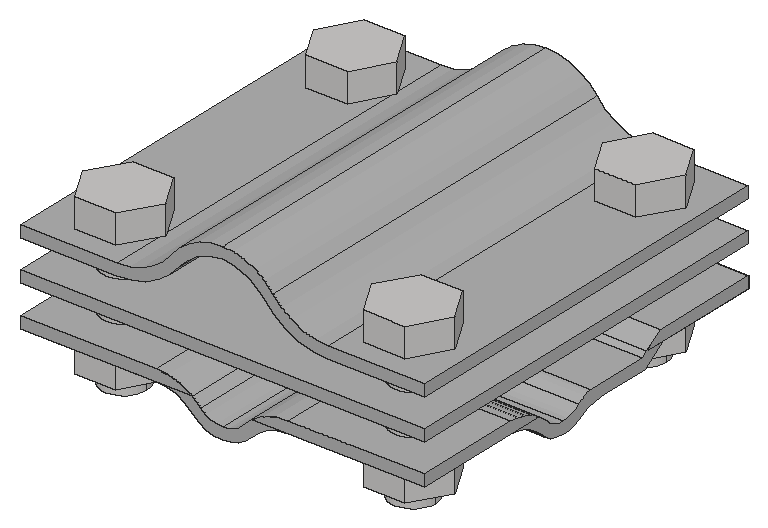
Revit family "DF_ЗажимЗаземлпения_Стержень_Пруток_90530_90540_EZETEK", category Соединительные детали воздуховодов, Revit 2017
Family settings
  Размер круглого соединителя = Использовать радиус
  Тип детали = Крестовина
  На основе рабочей плоскости = Нет
  Всегда вертикально = Да
  При загрузке вырезать с полостями = Нет
  Общий = Нет
Parameters (values of type "ЗажимЗаземлпения_Полоса_Пруток_Оцинкованный_90530")
  Угол = 90.00°  # constant formula
  Тип = FA_ЗажимЗаземлпения_Стержень_Полоса-Пруток_90530_90540_EZETEK : ЗажимЗаземлпения_Стержень_Полоса-Пруток_Оцинкованный_90540
  Описание = "Зажим используются для соединения стержня заземления с прутком, либо полосой Т-образным либо параллельным способом. Зажим стягивается при помощи четырех шестигранных болтов с гайками с резьбой М8."  # constant formula
  Производитель_Контакты = "ezetek@ezetek.ru"  # constant formula
  built-in parameter 1114242 [instance] = 1 = 0  # (empty or 0)
  Изготовитель = "Ezetek"  # constant formula
  Группа модели = "Зажимы заземления"  # constant formula
  URL = "https://ezetek.ru/"
  R4 [instance] = 5 mm
  R3 [instance] = 5 mm
  R2 [instance] = 5 mm
  R1 [instance] = 5 mm
  H2 [instance] = 4 mm
  B2 [instance] = 25 mm
  B1 [instance] = 25 mm
  ADSK_Этаж [instance] = ""
  ADSK_Размер_Ширина [instance] = B1  # 25 mm
  ADSK_Размер_Радиус [instance] = R1  # 5 mm
  ADSK_Размер_Высота [instance] = H1  # 4 mm
  ADSK_Примечание [instance] = "Неспецифицируемое"  # constant formula
  ADSK_Позиция [instance] = "Неспецифицируемое"  # constant formula
  ADSK_Обозначение = "Неспецифицируемое"  # constant formula
  ADSK_Наименование краткое [instance] = "Неспецифицируемое"  # constant formula
  ADSK_Наименование = "Неспецифицируемое"  # constant formula
  ADSK_Материал = BIMLIB_Сталь_Оцинкованная_EZETEK
  ADSK_Масса_Текст = "Неспецифицируемое"  # constant formula
  ADSK_Масса = 0  # constant formula
  ADSK_Марка = "Неспецифицируемое"  # constant formula
  ADSK_Количество = 0  # constant formula
  ADSK_Код изделия = "Неспецифицируемое"  # constant formula
  ADSK_Завод-изготовитель = "Неспецифицируемое"  # constant formula
  ADSK_Единица измерения = "Неспецифицируемое"  # constant formula
  ADSK_Группирование [instance] = ""
  ADSK_Версия Revit = "2017"  # constant formula
  H1 [instance] = 4 mm
Types (2, lengths in mm): name | Тип | ADSK_Материал
  ЗажимЗаземлпения_Полоса_Пруток_Оцинкованный_90530 | FA_ЗажимЗаземлпения_Стержень_Полоса-Пруток_90530_90540_EZETEK : ЗажимЗаземлпения_Стержень_Полоса-Пруток_Оцинкованный_90540 | BIMLIB_Сталь_Оцинкованная_EZETEK
  ЗажимЗаземлпения_Стержень_Полоса_Оцинкованный_90540 | FA_ЗажимЗаземлпения_Стержень_Полоса-Пруток_90530_90540_EZETEK : ЗажимЗаземлпения_Стержень_Полоса-Пруток_Латунь_90530 | BIMLIB_Латунь_EZETEK
Reference planes
  plane 1 "По центру (Вперед/Назад)": y = 0
  plane 2: z = 0
  plane 3 "По центру (Влево/Вправо)": x = 0
  plane 4 "Н_С": z = -5
  plane 5: x = -1
  plane 6: x = 1
  plane 7: y = 1
  plane 8: y = -1
  plane 9 "В_С": z = 5
  plane 10 "В_Л": z = 5
  plane 11 "Н_Л": z = -5
Lines and regions (mm)
  reference lines
    curve 1: line (-1, 0, 5) -> (1, 0, 5)
    curve 2: line (0, -1, 5) -> (0, 1, 5)
    curve 3: line (-1, 0, -5) -> (1, 0, -5)
    curve 4: line (0, -1, -5) -> (0, 1, -5)
Dimensions and locks
  locked: plane 5 to plane 3 "По центру (Влево/Вправо)" at 1
  locked: plane 3 "По центру (Влево/Вправо)" to plane 6 at 1
  locked: plane 1 "По центру (Вперед/Назад)" to plane 7 at 1
  locked: plane 1 "По центру (Вперед/Назад)" to plane 8 at 1
  locked: plane 2 to plane 9 "В_С" at 5
  locked: plane 11 "Н_Л" to plane 2 at 5
  locked: plane 10 "В_Л" to plane 2 at 5
  locked: plane 2 to plane 4 "Н_С" at 5
  aligned and locked: level to plane 2
Nested families
  nested 1: "FA_ЗажимЗаземлпения_Стержень_Полоса-Пруток_90530_90540_EZETEK" at (0, 0, 0) x (-1, 0, 0) z (0, 0, 1), type <- "Тип", ADSK_Этаж <- "ADSK_Этаж", ADSK_Группирование <- "ADSK_Группирование", type "ЗажимЗаземлпения_Стержень_Полоса-Пруток_Оцинкованный_90540", detail levels fine
    with ADSK_Этаж "", ADSK_Примечание "", ADSK_Позиция "", ADSK_Наименование краткое "Зажим заземления", ADSK_Группирование ""
Connectors
  hvac at (0, 1, -5), driven by "R2"
    settings: on curve 4, index 1, duct flow 0.0 L/s, flow factor 0, pres drop 0.0 Pa, loss coef 0, conn angle 0.00°, conn width 304.8 mm, conn height 5 mm, conn diameter 10 mm, duct sys type 1, conn prof type 0, flow config 0, flow direction 0, loss method 0, conn ref index 2, conn util no, is conn primary yes, conn desc ""
  hvac at (0, -1, -5), driven by "R2"
    settings: on curve 4, index 2, duct flow 0.0 L/s, flow factor 0, pres drop 0.0 Pa, loss coef 0, conn angle 0.00°, conn width 304.8 mm, conn height 5 mm, conn diameter 10 mm, duct sys type 1, conn prof type 0, flow config 0, flow direction 0, loss method 0, conn ref index 1, conn util no, is conn primary no, conn desc ""
  hvac at (0, -1, 5), driven by "R1"
    settings: on curve 2, index 3, duct flow 0.0 L/s, flow factor 0, pres drop 0.0 Pa, loss coef 0, conn angle 0.00°, conn width 304.8 mm, conn height 304.8 mm, conn diameter 10 mm, duct sys type 1, conn prof type 0, flow config 0, flow direction 0, loss method 0, conn ref index 4, conn util no, is conn primary no, conn desc ""
  hvac at (0, 1, 5), driven by "R1"
    settings: on curve 2, index 4, duct flow 0.0 L/s, flow factor 0, pres drop 0.0 Pa, loss coef 0, conn angle 0.00°, conn width 304.8 mm, conn height 304.8 mm, conn diameter 10 mm, duct sys type 1, conn prof type 0, flow config 0, flow direction 0, loss method 0, conn ref index 3, conn util no, is conn primary no, conn desc ""
  hvac at (-1, 0, -5), driven by "H2", driven by "B2", driven by "R3"
    settings: on curve 3, index 7, duct flow 0.0 L/s, flow factor 0, pres drop 0.0 Pa, loss coef 0, conn angle 0.00°, conn width 25 mm, conn height 4 mm, conn diameter 10 mm, duct sys type 1, conn prof type 0, flow config 0, flow direction 0, loss method 0, conn ref index 8, conn util no, is conn primary no, conn desc ""
  hvac at (1, 0, -5), driven by "H2", driven by "B2", driven by "R3"
    settings: on curve 3, index 8, duct flow 0.0 L/s, flow factor 0, pres drop 0.0 Pa, loss coef 0, conn angle 0.00°, conn width 25 mm, conn height 4 mm, conn diameter 10 mm, duct sys type 1, conn prof type 0, flow config 0, flow direction 0, loss method 0, conn ref index 7, conn util no, is conn primary no, conn desc ""
Definition of nested family "FA_ЗажимЗаземлпения_Стержень_Полоса-Пруток_90530_90540_EZETEK"
  Parameters (values of type "ЗажимЗаземлпения_Стержень_Полоса-Пруток_Латунь_90530")
    Угол = 90.00°  # constant formula
    Производитель_Контакты = "ezetek@ezetek.ru"  # constant formula
    Description = "Зажим используются для соединения стержня заземления с прутком, либо полосой Т-образным либо параллельным способом. Зажим стягивается при помощи четырех шестигранных болтов с гайками с резьбой М8. Болты и гайки для латунного зажима заземления выполнены из нержавеющей стали. Наличие разделительной пластины позволяет соединять при помощи зажима электрохимически слабосовместимые металлы."
    Manufacturer = "Ezetek"  # constant formula
    Model = "Зажимы заземления"  # constant formula
    URL = "https://ezetek.ru/"
    ADSK_Этаж [instance] = ""
    ADSK_Примечание [instance] = ""
    ADSK_Позиция [instance] = ""
    ADSK_Обозначение = "90530"
    ADSK_Наименование краткое [instance] = "Зажим заземления"
    ADSK_Наименование = "Зажим заземления стержень — полоса/пруток крестообразный, латунь"
    ADSK_Материал = none
    ADSK_Масса_Текст = "0.317"
    ADSK_Масса = 0.317
    ADSK_Марка = "90530"
    ADSK_Количество = 1  # constant formula
    ADSK_Код изделия = "90530"
    ADSK_Завод-изготовитель = "Ezetek"  # constant formula
    ADSK_Единица измерения = "шт."  # constant formula
    ADSK_Группирование [instance] = ""
    ADSK_Версия Revit = "2017"  # constant formula
  Types (2, lengths in mm): name | Description | ADSK_Обозначение | ADSK_Наименование | ADSK_Масса_Текст | ADSK_Масса | ADSK_Марка | ADSK_Код изделия
    ЗажимЗаземлпения_Стержень_Полоса-Пруток_Латунь_90530 | "Зажим используются для соединения стержня заземления с прутком, либо полосой Т-образным либо параллельным способом. Зажим стягивается при помощи четырех шестигранных болтов с гайками с резьбой М8. Болты и гайки для латунного зажима заземления выполнены из нержавеющей стали. Наличие разделительной пластины позволяет соединять при помощи зажима электрохимически слабосовместимые металлы." | "90530" | "Зажим заземления стержень — полоса/пруток крестообразный, латунь" | "0.317" | 0.317 | "90530" | "90530"
    ЗажимЗаземлпения_Стержень_Полоса-Пруток_Оцинкованный_90540 | "Зажим выполнен из оцинкованной стали и используется для соединения стержня заземления с прутком, либо полосой Т-образным либо параллельным способом. Зажим стягивается при помощи четырех шестигранных болтов с гайками с резьбой М8." | "90540" | "Зажим заземления стержень — полоса/пруток крестообразный, оцинк." | "0.3" | 0.3 | "90540" | "90540"
  Reference planes
    plane 1 "По центру (Вперед/Назад)": y = 0
    plane 2: z = 0
    plane 3 "По центру (Влево/Вправо)": x = 0
    plane 4: z = 1
    plane 5: z = -1
    plane 6: z = 8
    plane 7 "Up": z = 6
    plane 8: z = -6
    plane 9: z = -8
    plane 10: z = 13
    plane 11: z = -14.4
    plane 12: z = -17.11
    plane 13: z = 7
    plane 14: z = -7
    plane 15 "M": y = 0
    plane 16 "U": z = 9.5
    plane 17 "L": z = -9.5
    plane 18: z = -9.5
    plane 19: x = 0
    plane 20: x = -35
    plane 21: y = 35
    plane 22: y = -35
    plane 23: x = 35
  Forms (mm)
    Extrusion 1, solid, material <- "ADSK_Материал", detail levels fine
      sketch origin (0, 0, 0) x (1, 0, 0) y (0, 1, 0)
        loop
          line (-35, 35) -> (-35, -35) -> (35, -35) -> (35, 35) -> (-35, 35)
      from 1 to -1
    Blend 2, solid, material <- "ADSK_Материал", detail levels fine
      base sketch origin (0, 0, 0) x (1, 0, 0) y (0, 0, 1)
        loop
          line (-35, 8) -> (-35, 6) -> (-18.273, 6)
          arc (-18.273, 6) -> (-12.065, 7.446) -> (-7.135, 11.486) r 14.05
          arc (-7.135, 11.486) -> (-3.977, 14.074) -> (0, 15) r 9
          arc (0, 15) -> (3.977, 14.074) -> (7.135, 11.486) r 9
          arc (7.135, 11.486) -> (12.065, 7.446) -> (18.273, 6) r 14.05
          line (18.273, 6) -> (35, 6) -> (35, 8) -> (18.275, 8)
          arc (18.275, 8) -> (12.95, 9.24) -> (8.72, 12.706) r 12.055
          arc (8.72, 12.706) -> (4.86, 15.868) -> (0, 17) r 11
          arc (0, 17) -> (-4.86, 15.868) -> (-8.72, 12.706) r 11
          arc (-8.72, 12.706) -> (-12.95, 9.24) -> (-18.275, 8) r 12.055
          line (-18.275, 8) -> (-35, 8)
      top sketch origin (0, 0, 0) x (1, 0, 0) y (0, 0, 1)
        loop
          arc (0, 17) -> (-4.86, 15.868) -> (-8.72, 12.706) r 11
          arc (-8.72, 12.706) -> (-12.95, 9.24) -> (-18.275, 8) r 12.055
          line (-18.275, 8) -> (-35, 8) -> (-35, 6) -> (-18.273, 6)
          arc (-18.273, 6) -> (-12.065, 7.446) -> (-7.135, 11.486) r 14.05
          arc (-7.135, 11.486) -> (-3.977, 14.074) -> (0, 15) r 9
          arc (0, 15) -> (3.977, 14.074) -> (7.135, 11.486) r 9
          arc (7.135, 11.486) -> (12.065, 7.446) -> (18.273, 6) r 14.05
          line (18.273, 6) -> (35, 6) -> (35, 8) -> (18.275, 8)
          arc (18.275, 8) -> (12.95, 9.24) -> (8.72, 12.706) r 12.055
          arc (8.72, 12.706) -> (4.86, 15.868) -> (0, 17) r 11
      from 35 to -35
    Extrusion 3, solid, detail levels fine
      sketch origin (11, -25, 0) x (1, 0, 0) y (0, 1, 0)
        loop
          line (-39.603, 6.24) -> (-43.205, 0) -> (-39.603, -6.24) -> (-32.397, -6.24) -> (-28.795, 0) -> (-32.397, 6.24) -> (-39.603, 6.24)
      from 13 to 8
    Extrusion 4, solid, detail levels fine
      sketch origin (11, -25, 0) x (1, 0, 0) y (0, 1, 0)
        loop
          line (-39.603, 6.24) -> (-43.205, 0) -> (-39.603, -6.24) -> (-32.397, -6.24) -> (-28.795, 0) -> (-32.397, 6.24) -> (-39.603, 6.24)
      from -8 to -14.4
    Extrusion 5, solid, detail levels fine
      sketch origin (11, -25, 0) x (1, 0, 0) y (0, 1, 0)
        loop
          circle (-36, 0) r 3.9
      from 8 to -17.11
    Extrusion 6, solid, detail levels fine
      sketch origin (-11, -25, 0) x (-1, 0, 0) y (0, -1, 0)
        loop
          line (-39.603, -6.24) -> (-32.397, -6.24) -> (-28.795, 0) -> (-32.397, 6.24) -> (-39.603, 6.24) -> (-43.205, 0) -> (-39.603, -6.24)
      from 13 to 8
    Extrusion 7, solid, detail levels fine
      sketch origin (-11, -25, 0) x (-1, 0, 0) y (0, -1, 0)
        loop
          line (-39.603, -6.24) -> (-32.397, -6.24) -> (-28.795, 0) -> (-32.397, 6.24) -> (-39.603, 6.24) -> (-43.205, 0) -> (-39.603, -6.24)
      from -8 to -14.4
    Extrusion 8, solid, detail levels fine
      sketch origin (-11, -25, 0) x (-1, 0, 0) y (0, -1, 0)
        loop
          circle (-36, 0) r 3.9
      from 8 to -17.11
    Extrusion 9, solid, detail levels fine
      sketch origin (11, 25, 0) x (1, 0, 0) y (0, 1, 0)
        loop
          line (-39.603, -6.24) -> (-32.397, -6.24) -> (-28.795, 0) -> (-32.397, 6.24) -> (-39.603, 6.24) -> (-43.205, 0) -> (-39.603, -6.24)
      from 13 to 8
    Extrusion 10, solid, detail levels fine
      sketch origin (11, 25, 0) x (1, 0, 0) y (0, 1, 0)
        loop
          circle (-36, 0) r 3.9
      from 8 to -17.11
    Extrusion 11, solid, detail levels fine
      sketch origin (-11, 25, 0) x (-1, 0, 0) y (0, -1, 0)
        loop
          line (-39.603, 6.24) -> (-43.205, 0) -> (-39.603, -6.24) -> (-32.397, -6.24) -> (-28.795, 0) -> (-32.397, 6.24) -> (-39.603, 6.24)
      from 13 to 8
    Extrusion 12, solid, detail levels fine
      sketch origin (-11, 25, 0) x (-1, 0, 0) y (0, -1, 0)
        loop
          circle (-36, 0) r 3.9
      from 8 to -17.11
    Blend 13, solid, material <- "ADSK_Материал", detail levels fine
      base sketch origin (0, 0, 0) x (1, 0, 0) y (0, 0, 1)
        loop
          line (-35, -8) -> (-11.386, -8)
          arc (-11.386, -8) -> (-7.983, -8.714) -> (-5.154, -10.737) r 8.465
          arc (-5.154, -10.737) -> (-2.814, -12.409) -> (0, -13) r 7
          arc (0, -13) -> (2.814, -12.409) -> (5.154, -10.737) r 7
          arc (5.154, -10.737) -> (7.983, -8.714) -> (11.386, -8) r 8.465
          line (11.386, -8) -> (35, -8) -> (35, -6) -> (11.375, -6)
          arc (11.375, -6) -> (7.174, -6.882) -> (3.684, -9.381) r 10.439
          arc (3.684, -9.381) -> (2.012, -10.577) -> (0, -11) r 5
          arc (0, -11) -> (-2.012, -10.577) -> (-3.684, -9.381) r 5
          arc (-3.684, -9.381) -> (-7.174, -6.882) -> (-11.375, -6) r 10.439
          line (-11.375, -6) -> (-35, -6) -> (-35, -8)
      top sketch origin (0, 0, 0) x (1, 0, 0) y (0, 0, 1)
        loop
          arc (0, -11) -> (-2.012, -10.577) -> (-3.684, -9.381) r 5
          arc (-3.684, -9.381) -> (-7.174, -6.882) -> (-11.375, -6) r 10.439
          line (-11.375, -6) -> (-35, -6) -> (-35, -8) -> (-11.386, -8)
          arc (-11.386, -8) -> (-7.983, -8.714) -> (-5.154, -10.737) r 8.465
          arc (-5.154, -10.737) -> (-2.814, -12.409) -> (0, -13) r 7
          arc (0, -13) -> (2.814, -12.409) -> (5.154, -10.737) r 7
          arc (5.154, -10.737) -> (7.983, -8.714) -> (11.386, -8) r 8.465
          line (11.386, -8) -> (35, -8) -> (35, -6) -> (11.375, -6)
          arc (11.375, -6) -> (7.174, -6.882) -> (3.684, -9.381) r 10.439
          arc (3.684, -9.381) -> (2.012, -10.577) -> (0, -11) r 5
      from 35 to -35
    Extrusion 14, solid, detail levels fine
      sketch origin (11, 25, 0) x (1, 0, 0) y (0, 1, 0)
        loop
          line (-39.603, -6.24) -> (-32.397, -6.24) -> (-28.795, 0) -> (-32.397, 6.24) -> (-39.603, 6.24) -> (-43.205, 0) -> (-39.603, -6.24)
      from -8 to -14.4
    Extrusion 15, solid, detail levels fine
      sketch origin (-11, 25, 0) x (-1, 0, 0) y (0, -1, 0)
        loop
          line (-39.603, 6.24) -> (-43.205, 0) -> (-39.603, -6.24) -> (-32.397, -6.24) -> (-28.795, 0) -> (-32.397, 6.24) -> (-39.603, 6.24)
      from -8 to -14.4
    Blend 16, solid, material <- "ADSK_Материал", detail levels fine
      base sketch origin (0, 0, 0) x (1, 0, 0) y (0, 0, 1)
        loop
          line (-35, -8) -> (-11.386, -8)
          arc (-11.386, -8) -> (-7.983, -8.714) -> (-5.154, -10.737) r 8.465
          arc (-5.154, -10.737) -> (-2.814, -12.409) -> (0, -13) r 7
          arc (0, -13) -> (2.814, -12.409) -> (5.154, -10.737) r 7
          arc (5.154, -10.737) -> (7.983, -8.714) -> (11.386, -8) r 8.465
          line (11.386, -8) -> (35, -8) -> (35, -6) -> (11.375, -6)
          arc (11.375, -6) -> (7.174, -6.882) -> (3.684, -9.381) r 10.439
          arc (3.684, -9.381) -> (2.012, -10.577) -> (0, -11) r 5
          arc (0, -11) -> (-2.012, -10.577) -> (-3.684, -9.381) r 5
          arc (-3.684, -9.381) -> (-7.174, -6.882) -> (-11.375, -6) r 10.439
          line (-11.375, -6) -> (-35, -6) -> (-35, -8)
      top sketch origin (0, 0, 0) x (1, 0, 0) y (0, 0, 1)
        loop
          arc (0, -11) -> (-2.012, -10.577) -> (-3.684, -9.381) r 5
          arc (-3.684, -9.381) -> (-7.174, -6.882) -> (-11.375, -6) r 10.439
          line (-11.375, -6) -> (-35, -6) -> (-35, -8) -> (-11.386, -8)
          arc (-11.386, -8) -> (-7.983, -8.714) -> (-5.154, -10.737) r 8.465
          arc (-5.154, -10.737) -> (-2.814, -12.409) -> (0, -13) r 7
          arc (0, -13) -> (2.814, -12.409) -> (5.154, -10.737) r 7
          arc (5.154, -10.737) -> (7.983, -8.714) -> (11.386, -8) r 8.465
          line (11.386, -8) -> (35, -8) -> (35, -6) -> (11.375, -6)
          arc (11.375, -6) -> (7.174, -6.882) -> (3.684, -9.381) r 10.439
          arc (3.684, -9.381) -> (2.012, -10.577) -> (0, -11) r 5
      from 35 to -35
    Blend 17, solid, material <- "ADSK_Материал", detail levels fine
      base sketch origin (0, 0, 0) x (0, -1, 0) y (0, 0, 1)
        loop
          line (-35, -8) -> (-16.386, -8)
          arc (-16.386, -8) -> (-12.983, -8.714) -> (-10.154, -10.737) r 8.465
          arc (-10.154, -10.737) -> (-7.814, -12.409) -> (-5, -13) r 7
          arc (-5, -13) -> (-3.282, -12.786) -> (-1.67, -12.157) r 7
          arc (-1.67, -12.157) -> (1.047, -11.097) -> (3.941, -10.737) r 11.792
          line (3.941, -10.737) -> (12.669, -10.737) -> (16.578, -8) -> (35, -8) -> (35, -6) -> (16, -6) -> (12.091, -8.737) -> (0.991, -8.737)
          arc (0.991, -8.737) -> (-0.444, -8.999) -> (-1.694, -9.751) r 4.061
          arc (-1.694, -9.751) -> (-3.233, -10.677) -> (-5, -11) r 5
          arc (-5, -11) -> (-7.012, -10.577) -> (-8.684, -9.381) r 5
          arc (-8.684, -9.381) -> (-12.174, -6.882) -> (-16.375, -6) r 10.439
          line (-16.375, -6) -> (-35, -6) -> (-35, -8)
      top sketch origin (0, 0, 0) x (0, -1, 0) y (0, 0, 1)
        loop
          arc (-10.154, -10.737) -> (-7.814, -12.409) -> (-5, -13) r 7
          arc (-5, -13) -> (-3.282, -12.786) -> (-1.67, -12.157) r 7
          arc (-1.67, -12.157) -> (1.047, -11.097) -> (3.941, -10.737) r 11.792
          line (3.941, -10.737) -> (12.669, -10.737) -> (16.578, -8) -> (35, -8) -> (35, -6) -> (16, -6) -> (12.091, -8.737) -> (0.991, -8.737)
          arc (0.991, -8.737) -> (-0.444, -8.999) -> (-1.694, -9.751) r 4.061
          arc (-1.694, -9.751) -> (-3.233, -10.677) -> (-5, -11) r 5
          arc (-5, -11) -> (-7.012, -10.577) -> (-8.684, -9.381) r 5
          arc (-8.684, -9.381) -> (-12.174, -6.882) -> (-16.375, -6) r 10.439
          line (-16.375, -6) -> (-35, -6) -> (-35, -8) -> (-16.386, -8)
          arc (-16.386, -8) -> (-12.983, -8.714) -> (-10.154, -10.737) r 8.465
      from 35 to -35
    Extrusion 18, void
      sketch origin (0, 0, 0) x (1, 0, 0) y (0, 0, 1)
        loop
          arc (-11.375, -6) -> (-7.174, -6.882) -> (-3.684, -9.381) r 10.439
          arc (-3.684, -9.381) -> (-2.012, -10.577) -> (0, -11) r 5
          arc (0, -11) -> (2.012, -10.577) -> (3.684, -9.381) r 5
          arc (3.684, -9.381) -> (7.174, -6.882) -> (11.375, -6) r 10.439
          line (11.375, -6) -> (-11.375, -6)
      from 0 to -35
    Extrusion 19, void
      sketch origin (0, 0, 0) x (1, 0, 0) y (0, 0, -1)
        loop
          line (-11.375, 6) -> (11.375, 6)
          arc (11.375, 6) -> (7.174, 6.882) -> (3.684, 9.381) r 10.439
          arc (3.684, 9.381) -> (2.012, 10.577) -> (0, 11) r 5
          arc (0, 11) -> (-2.012, 10.577) -> (-3.684, 9.381) r 5
          arc (-3.684, 9.381) -> (-7.174, 6.882) -> (-11.375, 6) r 10.439
      from 0 to -35
    Extrusion 20, void
      sketch origin (0, 0, 0) x (0, 1, 0) y (0, 0, 1)
        loop
          line (16.375, -6) -> (-16, -6) -> (-13.144, -8) -> (10.23, -8)
          arc (10.23, -8) -> (13.144, -6.513) -> (16.375, -6) r 10.439
      from 35 to -35
  Cuts and joins
    Extrusion 18, Extrusion 19, Extrusion 20 cuts Blend 16
    Extrusion 18, Extrusion 19, Extrusion 20 cuts Blend 13
    Extrusion 18, Extrusion 19, Extrusion 20 cuts Blend 17
  Dimensions and locks
    locked: plane 2 to plane 5 at 1
    locked: plane 4 to plane 2 at 1
    plane 4 to plane 5 = 2 mm
    locked: plane 6 to plane 7 "Up" at 2
    locked: plane 8 to plane 9 at 2
    locked: plane 10 to plane 6 at 5
    locked: plane 7 "Up" to plane 4 at 5
    locked: plane 5 to plane 8 at 5
    locked: plane 9 to plane 11 at 6.4
    locked: plane 11 to plane 12 at 2.71
    equal spacing: plane 6, plane 13, plane 7 "Up"
    equal spacing: plane 8, plane 14, plane 9
    plane 20 to plane 3 "По центру (Влево/Вправо)" = 35 mm
    locked: plane 15 "M" to plane 21 at 35
    locked: plane 1 "По центру (Вперед/Назад)" to plane 22 at 35
    plane 23 to plane 3 "По центру (Влево/Вправо)" = 35 mm
    aligned and locked: level to plane 2
    aligned and locked: Extrusion 1 sketch curve to plane 20
    aligned and locked: plane 21 to Blend 2
    aligned and locked: plane 22 to Blend 2
    aligned and locked: plane 21 to Extrusion 1
    aligned and locked: plane 22 to Extrusion 1
    aligned and locked: Extrusion 1 to Extrusion 18
    aligned and locked: Extrusion 19 to Extrusion 1
  Automatic sketch dimensions
    plane 22 to Extrusion 1 sketch curve = 0 mm
    Extrusion 1 sketch curve to plane 23 = 0 mm
    Extrusion 1 sketch curve to plane 21 = 0 mm
    Extrusion 3 sketch curve to plane 20 = 2.795 mm
    Extrusion 3 sketch curve to plane 20 = 6.397 mm  (x2)
    Extrusion 3 sketch curve to plane 22 = 3.76 mm
    Extrusion 3 sketch curve to Extrusion 3 sketch curve = 7.205 mm  (x2)
    Extrusion 3 sketch curve to Extrusion 3 sketch curve = 3.603 mm
    Extrusion 3 sketch curve to Extrusion 3 sketch curve = 6.24 mm  (x3)
    Extrusion 4 sketch curve to plane 20 = 2.795 mm
    Extrusion 4 sketch curve to plane 20 = 6.397 mm  (x2)
    Extrusion 4 sketch curve to plane 22 = 3.76 mm
    Extrusion 4 sketch curve to Extrusion 4 sketch curve = 7.205 mm  (x2)
    Extrusion 4 sketch curve to Extrusion 4 sketch curve = 3.603 mm
    Extrusion 4 sketch curve to Extrusion 4 sketch curve = 6.24 mm  (x3)
    Extrusion 5 sketch curve to plane 20 = 10 mm
    Extrusion 5 sketch curve to plane 22 = 10 mm
    plane 23 to Extrusion 6 sketch curve = 2.795 mm
    plane 23 to Extrusion 6 sketch curve = 6.397 mm  (x2)
    plane 22 to Extrusion 6 sketch curve = 3.76 mm
    Extrusion 6 sketch curve to Extrusion 6 sketch curve = 7.205 mm  (x2)
    Extrusion 6 sketch curve to Extrusion 6 sketch curve = 3.603 mm
    Extrusion 6 sketch curve to Extrusion 6 sketch curve = 6.24 mm  (x3)
    plane 23 to Extrusion 7 sketch curve = 2.795 mm
    plane 23 to Extrusion 7 sketch curve = 6.397 mm  (x2)
    plane 22 to Extrusion 7 sketch curve = 3.76 mm
    Extrusion 7 sketch curve to Extrusion 7 sketch curve = 7.205 mm  (x2)
    Extrusion 7 sketch curve to Extrusion 7 sketch curve = 3.603 mm
    Extrusion 7 sketch curve to Extrusion 7 sketch curve = 6.24 mm  (x3)
    plane 23 to Extrusion 8 sketch curve = 10 mm
    plane 22 to Extrusion 8 sketch curve = 10 mm
    plane 20 to Extrusion 9 sketch curve = 2.795 mm
    plane 20 to Extrusion 9 sketch curve = 6.397 mm  (x2)
    plane 21 to Extrusion 9 sketch curve = 3.76 mm
    Extrusion 9 sketch curve to Extrusion 9 sketch curve = 7.205 mm  (x2)
    Extrusion 9 sketch curve to Extrusion 9 sketch curve = 3.603 mm
    Extrusion 9 sketch curve to Extrusion 9 sketch curve = 6.24 mm  (x3)
    plane 20 to Extrusion 10 sketch curve = 10 mm
    plane 21 to Extrusion 10 sketch curve = 10 mm
    Extrusion 11 sketch curve to plane 23 = 2.795 mm
    Extrusion 11 sketch curve to plane 23 = 6.397 mm  (x2)
    Extrusion 11 sketch curve to plane 21 = 3.76 mm
    Extrusion 11 sketch curve to Extrusion 11 sketch curve = 7.205 mm  (x2)
    Extrusion 11 sketch curve to Extrusion 11 sketch curve = 3.603 mm
    Extrusion 11 sketch curve to Extrusion 11 sketch curve = 6.24 mm  (x3)
    Extrusion 12 sketch curve to plane 23 = 10 mm
    Extrusion 12 sketch curve to plane 21 = 10 mm
    Blend 13 sketch curve to Blend 13 sketch curve = 0 mm  (x28)
    Blend 13 sketch curve to plane 8 = 0 mm  (x6)
    plane 20 to Blend 13 sketch curve = 0 mm  (x2)
    Blend 13 sketch curve to plane 9 = 0 mm  (x4)
    Blend 13 sketch curve to plane 3 "По центру (Влево/Вправо)" = 0 mm  (x2)
    Blend 13 sketch curve to plane 23 = 0 mm  (x2)
    Blend 13 sketch curve to plane 3 "По центру (Влево/Вправо)" = 11.386 mm  (x2)
    Blend 13 sketch curve to Blend 13 sketch curve = 0.011 mm  (x4)
    plane 12 to Blend 13 sketch curve = 0.671 mm  (x4)
    plane 3 "По центру (Влево/Вправо)" to Blend 13 sketch curve = 11.375 mm  (x2)
    Blend 13 sketch curve to Blend 13 sketch curve = 0.026 mm  (x4)
    plane 20 to Extrusion 14 sketch curve = 2.795 mm
    plane 20 to Extrusion 14 sketch curve = 6.397 mm  (x2)
    plane 21 to Extrusion 14 sketch curve = 3.76 mm
    Extrusion 14 sketch curve to Extrusion 14 sketch curve = 7.205 mm  (x2)
    Extrusion 14 sketch curve to Extrusion 14 sketch curve = 3.603 mm
    Extrusion 14 sketch curve to Extrusion 14 sketch curve = 6.24 mm  (x3)
    Extrusion 15 sketch curve to plane 23 = 2.795 mm
    Extrusion 15 sketch curve to plane 23 = 6.397 mm  (x2)
    Extrusion 15 sketch curve to plane 21 = 3.76 mm
    Extrusion 15 sketch curve to Extrusion 15 sketch curve = 7.205 mm  (x2)
    Extrusion 15 sketch curve to Extrusion 15 sketch curve = 3.603 mm
    Extrusion 15 sketch curve to Extrusion 15 sketch curve = 6.24 mm  (x3)
    Blend 16 sketch curve to Blend 16 sketch curve = 0 mm  (x28)
    Blend 16 sketch curve to plane 8 = 0 mm  (x6)
    plane 20 to Blend 16 sketch curve = 0 mm  (x2)
    Blend 16 sketch curve to plane 9 = 0 mm  (x4)
    Blend 16 sketch curve to plane 3 "По центру (Влево/Вправо)" = 0 mm  (x2)
    Blend 16 sketch curve to plane 23 = 0 mm  (x2)
    Blend 16 sketch curve to plane 3 "По центру (Влево/Вправо)" = 11.386 mm  (x2)
    Blend 16 sketch curve to Blend 16 sketch curve = 0.011 mm  (x4)
    plane 12 to Blend 16 sketch curve = 0.671 mm  (x4)
    plane 3 "По центру (Влево/Вправо)" to Blend 16 sketch curve = 11.375 mm  (x2)
    Blend 16 sketch curve to Blend 16 sketch curve = 0.026 mm  (x4)
    Blend 17 sketch curve to Blend 17 sketch curve = 0 mm  (x28)
    Blend 17 sketch curve to plane 8 = 0 mm  (x6)
    Blend 17 sketch curve to plane 21 = 0 mm  (x2)
    Blend 17 sketch curve to plane 9 = 0 mm  (x4)
    Blend 17 sketch curve to plane 22 = 0 mm  (x2)
    plane 12 to Blend 17 sketch curve = 0.645 mm
    Blend 17 sketch curve to plane 1 "По центру (Вперед/Назад)" = 16.386 mm  (x2)
    Blend 17 sketch curve to Blend 17 sketch curve = 0.011 mm  (x2)
    Blend 17 sketch curve to plane 1 "По центру (Вперед/Назад)" = 5 mm  (x2)
    plane 1 "По центру (Вперед/Назад)" to Blend 17 sketch curve = 0.991 mm  (x2)
    Blend 17 sketch curve to plane 17 "L" = 1.237 mm  (x2)
    Blend 17 sketch curve to Blend 17 sketch curve = 2.95 mm  (x2)
    Blend 17 sketch curve to plane 9 = 0.737 mm  (x2)
    Blend 17 sketch curve to Blend 17 sketch curve = 8.151 mm  (x2)
    Blend 17 sketch curve to Blend 17 sketch curve = 0.578 mm  (x4)
    Blend 17 sketch curve to Blend 17 sketch curve = 3.909 mm  (x2)
    Blend 17 sketch curve to plane 12 = 5.419 mm  (x2)
    Blend 17 sketch curve to Blend 17 sketch curve = 0.026 mm  (x2)
    plane 11 to Blend 17 sketch curve = 1.602 mm  (x2)
    plane 12 to Blend 17 sketch curve = 0.671 mm
    Extrusion 18 sketch curve to Extrusion 18 sketch curve = 0 mm  (x3)
    Extrusion 18 sketch curve to plane 8 = 0 mm  (x2)
    Extrusion 18 sketch curve to plane 3 "По центру (Влево/Вправо)" = 0 mm
    Extrusion 18 sketch curve to Extrusion 18 sketch curve = 11.375 mm
    plane 12 to Extrusion 18 sketch curve = 0.671 mm  (x2)
    plane 3 "По центру (Влево/Вправо)" to Extrusion 18 sketch curve = 11.375 mm
    Extrusion 19 sketch curve to Extrusion 19 sketch curve = 0 mm  (x3)
    Extrusion 19 sketch curve to plane 8 = 0 mm  (x2)
    Extrusion 19 sketch curve to plane 3 "По центру (Влево/Вправо)" = 0 mm
    Extrusion 19 sketch curve to Extrusion 19 sketch curve = 11.375 mm
    plane 12 to Extrusion 19 sketch curve = 0.671 mm  (x2)
    plane 3 "По центру (Влево/Вправо)" to Extrusion 19 sketch curve = 11.375 mm
    Extrusion 20 sketch curve to plane 8 = 0 mm
    Extrusion 20 sketch curve to plane 9 = 0 mm
    plane 1 "По центру (Вперед/Назад)" to Extrusion 20 sketch curve = 16 mm
    Extrusion 20 sketch curve to Extrusion 20 sketch curve = 2.856 mm
    Extrusion 20 sketch curve to plane 1 "По центру (Вперед/Назад)" = 10.23 mm
    plane 12 to Extrusion 20 sketch curve = 0.671 mm
    Blend 2 sketch curve to Blend 2 sketch curve = 0 mm  (x28)
    Blend 2 sketch curve to plane 7 "Up" = 0 mm  (x6)
    plane 20 to Blend 2 sketch curve = 0 mm  (x2)
    Blend 2 sketch curve to plane 6 = 0 mm  (x4)
    Blend 2 sketch curve to plane 3 "По центру (Влево/Вправо)" = 0 mm  (x2)
    Blend 2 sketch curve to plane 23 = 0 mm  (x2)
    Blend 2 sketch curve to plane 20 = 16.725 mm  (x2)
    Blend 2 sketch curve to Blend 2 sketch curve = 0.003 mm  (x4)
    plane 10 to Blend 2 sketch curve = 7.05 mm  (x4)
    Blend 2 sketch curve to plane 23 = 16.727 mm  (x2)
    Blend 2 sketch curve to Blend 2 sketch curve = 0.005 mm  (x4)
    radius of Extrusion 5 sketch curve = 3.9 mm
    radius of Extrusion 8 sketch curve = 3.9 mm
    radius of Extrusion 10 sketch curve = 3.9 mm
    radius of Extrusion 12 sketch curve = 3.9 mm
